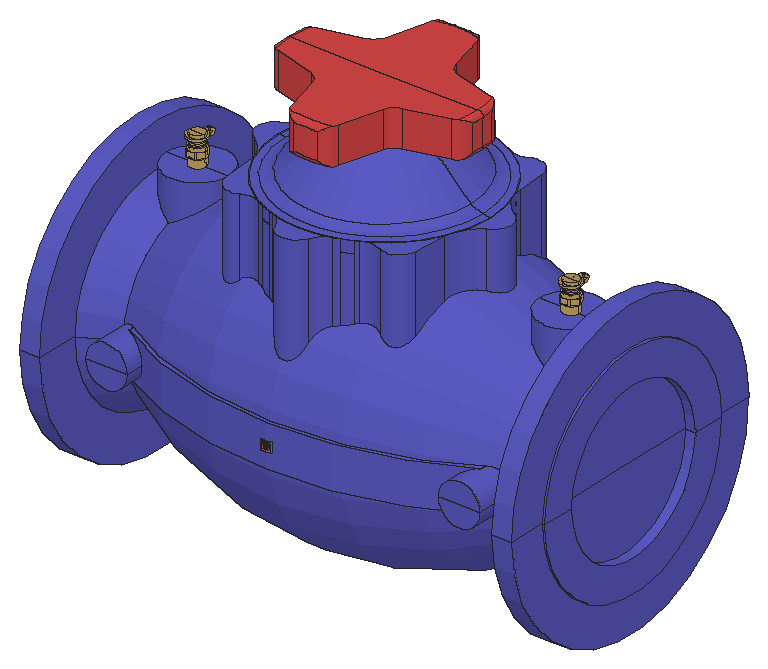
Revit family "HERZ Strömax Балансировочный клапан с измерительными клапанами, шпиндель прямой 4218 GMF", category Rohrzubehör, Revit 2019 (continued)
Definition of nested family "Messstutzen_Band_Austritt_senkrecht_(oben 25)"
  Forms (mm)
    Extrusion 4, solid, detail levels fine
      sketch origin (12.045, 0, 25.83) x (0, 1, 0) y (0.906308, 0, -0.422618)
        loop
          arc (9.582, 1.8) -> (7.288, 2.358) -> (5.505, 3.906) r 5
          arc (5.505, 3.906) -> (-6.75, 0) -> (5.505, -3.906) r 6.75
      from 0 to -1.5
    Extrusion 5, solid, detail levels fine
      sketch origin (14.022, 0, 30.07) x (0, 1, 0) y (0.906308, 0, -0.422618)
        loop
          circle (0, 0) r 6.1
        loop
          arc (8.652, -4.495) -> (10.493, -2.527) -> (13.089, -1.8) r 5
          line (13.089, -1.8) -> (13.089, 1.8)
          arc (13.089, 1.8) -> (10.493, 2.527) -> (8.652, 4.495) r 5
          arc (8.652, 4.495) -> (-9.75, 0) -> (8.652, -4.495) r 9.75
      from 0 to -1.5
    Sweep 6, solid, detail levels fine
      path origin (0.876, 0.242, 1.118) x (-0.422618, 0, -0.906308) y (0, 1, 0)
        loop
          line (-27.75, 9.582) -> (-27.75, 14.522)
          arc (-27.75, 14.522) -> (-30.089, 16.862) -> (-32.428, 14.522) r 2.339
          line (-32.428, 14.522) -> (-32.428, 13.089)
      profile origin (12.603, 12.294, 26.268) x (0.422618, 0, 0.906308) y (0.906308, 0, -0.422618)
        loop
          line (-0.75, -1.8) -> (0.75, -1.8) -> (0.75, 1.8) -> (-0.75, 1.8) -> (-0.75, -1.8)
  Dimensions and locks
    aligned and locked: level to plane 2
Definition of nested family "Messstutzen_Band_Austritt_senkrecht_(oben 0.8)"
  Parameters (values of type "Messstutzen_Band_Austritt_senkrecht_(oben 0.8)")
    URL = "www.herz-armaturen.at"
    Schutzkappe [instance] = yes
    Nennweite [instance] = 0.00 mm
    Manufacturer = "Herz Armaturen GmbH"  # constant formula
    Gewicht [instance] = 0.00 kg
    Bestellnummer [instance] = 0
  Reference planes
    plane 1 "Mitte (Vorne/hinten)": y = 0
    plane 2: z = 0
    plane 3 "Mitte (Links/rechts)": x = 0
  Forms (mm)
    Revolve 1, solid, detail levels fine
      sketch origin (0, 0, 0) x (0.999903, 0, -0.013962) y (0.013962, 0, 0.999903)
        loop
          line (-7.4, 9) -> (-5.55, 9) -> (-5.55, 6)
          arc (-5.55, 6) -> (-5.626, 5.617) -> (-5.843, 5.293) r 1
          line (-5.843, 5.293) -> (-6.455, 4.681) -> (-6.455, 0.9) -> (-5.555, 0) -> (-2, 0) -> (-2, 17.5) -> (-8.4, 17.5)
          arc (-8.4, 17.5) -> (-7.693, 17.207) -> (-7.4, 16.5) r 1
          line (-7.4, 16.5) -> (-7.4, 9)
        loop
          line (-3.7, 27) -> (-7.3, 27) -> (-7.9, 26.4) -> (-7.9, 23) -> (-2, 23) -> (-2, 35.8) -> (-3.805, 35.8) -> (-4.415, 35.19) -> (-4.415, 30.863) -> (-3.7, 30.45) -> (-3.7, 27)
        axis (0, 0) -> (0, 35.8)
      angle from 0 to 360
    Extrusion 2, solid, detail levels fine
      sketch origin (0.244, 0, 17.498) x (0, 1, 0) y (-0.999903, 0, 0.013962)
        loop
          arc (-7.07, 5.156) -> (-7.578, 4.375) -> (-8, 3.544) r 8.75
          line (-8, 3.544) -> (-8, -3.544)
          arc (-8, -3.544) -> (-7.578, -4.375) -> (-7.07, -5.156) r 8.75
          line (-7.07, -5.156) -> (-0.93, -8.7)
          arc (-0.93, -8.7) -> (0, -8.75) -> (0.93, -8.7) r 8.75
          line (0.93, -8.7) -> (7.07, -5.156)
          arc (7.07, -5.156) -> (7.578, -4.375) -> (8, -3.544) r 8.75
          line (8, -3.544) -> (8, 3.544)
          arc (8, 3.544) -> (7.578, 4.375) -> (7.07, 5.156) r 8.75
          line (7.07, 5.156) -> (0.93, 8.7)
          arc (0.93, 8.7) -> (0, 8.75) -> (-0.93, 8.7) r 8.75
          line (-0.93, 8.7) -> (-7.07, 5.156)
      from 0 to 5.5
    Revolve 3, solid, visible <- "Schutzkappe", detail levels fine
      sketch origin (0, 0, 0) x (0.999903, 0, -0.013962) y (0.013962, 0, 0.999903)
        loop
          line (0, 35.878) -> (0, 36.678) -> (-7, 36.678) -> (-7, 33.378) -> (-6.1, 33.378) -> (-6.1, 31.678) -> (-6.9, 31.678) -> (-6.9, 30.178) -> (-4.415, 30.178) -> (-4.415, 35.268) -> (-3.805, 35.878) -> (0, 35.878)
        axis (0, 30.178) -> (0, 36.678)
      angle from 0 to 360
    Extrusion 4, solid, detail levels fine
      sketch origin (0.398, 0, 28.497) x (0, 1, 0) y (0.999903, 0, -0.013962)
        loop
          circle (0, 0) r 3.7
        loop
          arc (5.505, -3.906) -> (7.288, -2.358) -> (9.582, -1.8) r 5
          line (9.582, -1.8) -> (9.582, 1.8)
          arc (9.582, 1.8) -> (7.288, 2.358) -> (5.505, 3.906) r 5
          arc (5.505, 3.906) -> (-6.75, 0) -> (5.505, -3.906) r 6.75
      from 0 to -1.5
    Extrusion 5, solid, detail levels fine
      sketch origin (0.463, 0, 33.175) x (0, 1, 0) y (0.999903, 0, -0.013962)
        loop
          circle (0, 0) r 6.1
        loop
          arc (8.652, -4.495) -> (10.493, -2.527) -> (13.089, -1.8) r 5
          line (13.089, -1.8) -> (13.089, 1.8)
          arc (13.089, 1.8) -> (10.493, 2.527) -> (8.652, 4.495) r 5
          arc (8.652, 4.495) -> (-9.75, 0) -> (8.652, -4.495) r 9.75
      from 0 to -1.5
    Sweep 6, solid, detail levels fine
      path origin (0.514, 0.493, 1.007) x (-0.013962, 0, -0.999903) y (0, 1, 0)
        loop
          line (-27.75, 9.582) -> (-27.75, 14.522)
          arc (-27.75, 14.522) -> (-30.089, 16.862) -> (-32.428, 14.522) r 2.339
          line (-32.428, 14.522) -> (-32.428, 13.089)
      profile origin (0.901, 12.545, 28.754) x (0.013962, 0, 0.999903) y (0.999903, 0, -0.013962)
        loop
          line (-0.75, -1.8) -> (0.75, -1.8) -> (0.75, 1.8) -> (-0.75, 1.8) -> (-0.75, -1.8)
  Dimensions and locks
    aligned and locked: level to plane 2
Definition of nested family "Messstutzen_Band_Eintritt_senkrecht_(oben 10)"
  Parameters (values of type "Messstutzen_Band_Eintritt_senkrecht_(oben 10)")
    URL = "www.herz-armaturen.at"
    Schutzkappe [instance] = yes
    Nennweite [instance] = 0.00 mm
    Manufacturer = "Herz Armaturen GmbH"  # constant formula
    Gewicht [instance] = 0.00 kg
    Bestellnummer [instance] = 0
  Reference planes
    plane 1 "Mitte (Vorne/hinten)": y = 0
    plane 2: z = 0
    plane 3 "Mitte (Links/rechts)": x = 0
  Forms (mm)
    Revolve 1, solid, detail levels fine
      sketch origin (0, 0, 0) x (0.984808, 0, 0.173648) y (-0.173648, 0, 0.984808)
        loop
          line (-7.4, 9) -> (-5.55, 9) -> (-5.55, 6)
          arc (-5.55, 6) -> (-5.626, 5.617) -> (-5.843, 5.293) r 1
          line (-5.843, 5.293) -> (-6.455, 4.681) -> (-6.455, 0.9) -> (-5.555, 0) -> (-2, 0) -> (-2, 17.5) -> (-8.4, 17.5)
          arc (-8.4, 17.5) -> (-7.693, 17.207) -> (-7.4, 16.5) r 1
          line (-7.4, 16.5) -> (-7.4, 9)
        loop
          line (-3.7, 27) -> (-7.3, 27) -> (-7.9, 26.4) -> (-7.9, 23) -> (-2, 23) -> (-2, 35.8) -> (-3.805, 35.8) -> (-4.415, 35.19) -> (-4.415, 30.863) -> (-3.7, 30.45) -> (-3.7, 27)
        axis (0, 0) -> (0, 35.8)
      angle from 0 to 360
    Extrusion 2, solid, detail levels fine
      sketch origin (-3.039, 0, 17.234) x (0, 1, 0) y (-0.984808, 0, -0.173648)
        loop
          arc (-7.07, 5.156) -> (-7.578, 4.375) -> (-8, 3.544) r 8.75
          line (-8, 3.544) -> (-8, -3.544)
          arc (-8, -3.544) -> (-7.578, -4.375) -> (-7.07, -5.156) r 8.75
          line (-7.07, -5.156) -> (-0.93, -8.7)
          arc (-0.93, -8.7) -> (0, -8.75) -> (0.93, -8.7) r 8.75
          line (0.93, -8.7) -> (7.07, -5.156)
          arc (7.07, -5.156) -> (7.578, -4.375) -> (8, -3.544) r 8.75
          line (8, -3.544) -> (8, 3.544)
          arc (8, 3.544) -> (7.578, 4.375) -> (7.07, 5.156) r 8.75
          line (7.07, 5.156) -> (0.93, 8.7)
          arc (0.93, 8.7) -> (0, 8.75) -> (-0.93, 8.7) r 8.75
          line (-0.93, 8.7) -> (-7.07, 5.156)
      from 0 to 5.5
    Revolve 3, solid, visible <- "Schutzkappe", detail levels fine
      sketch origin (0, 0, 0) x (0.984808, 0, 0.173648) y (-0.173648, 0, 0.984808)
        loop
          line (0, 35.878) -> (0, 36.678) -> (-7, 36.678) -> (-7, 33.378) -> (-6.1, 33.378) -> (-6.1, 31.678) -> (-6.9, 31.678) -> (-6.9, 30.178) -> (-4.415, 30.178) -> (-4.415, 35.268) -> (-3.805, 35.878) -> (0, 35.878)
        axis (0, 30.178) -> (0, 36.678)
      angle from 0 to 360
    Extrusion 4, solid, detail levels fine
      sketch origin (-4.949, 0, 28.067) x (0, 1, 0) y (0.984808, 0, 0.173648)
        loop
          circle (0, 0) r 3.7
        loop
          arc (5.505, -3.906) -> (7.288, -2.358) -> (9.582, -1.8) r 5
          line (9.582, -1.8) -> (9.582, 1.8)
          arc (9.582, 1.8) -> (7.288, 2.358) -> (5.505, 3.906) r 5
          arc (5.505, 3.906) -> (-6.75, 0) -> (5.505, -3.906) r 6.75
      from 0 to -1.5
    Extrusion 5, solid, detail levels fine
      sketch origin (-5.761, 0, 32.674) x (0, 1, 0) y (0.984808, 0, 0.173648)
        loop
          circle (0, 0) r 6.1
        loop
          arc (8.652, -4.495) -> (10.493, -2.527) -> (13.089, -1.8) r 5
          line (13.089, -1.8) -> (13.089, 1.8)
          arc (13.089, 1.8) -> (10.493, 2.527) -> (8.652, 4.495) r 5
          arc (8.652, 4.495) -> (-9.75, 0) -> (8.652, -4.495) r 9.75
      from 0 to -1.5
    Sweep 6, solid, detail levels fine
      path origin (0.6, 0.141, 0.838) x (0.173648, 0, -0.984808) y (0, 1, 0)
        loop
          line (-27.75, 9.582) -> (-27.75, 14.522)
          arc (-27.75, 14.522) -> (-30.089, 16.862) -> (-32.428, 14.522) r 2.339
          line (-32.428, 14.522) -> (-32.428, 13.089)
      profile origin (-4.219, 12.193, 28.166) x (-0.173648, 0, 0.984808) y (0.984808, 0, 0.173648)
        loop
          line (-0.75, -1.8) -> (0.75, -1.8) -> (0.75, 1.8) -> (-0.75, 1.8) -> (-0.75, -1.8)
  Dimensions and locks
    aligned and locked: level to plane 2
Definition of nested family "Messstutzen_Band_Eintritt_senkrecht_(oben 15)"
  Parameters (values of type "Messstutzen_Band_Eintritt_senkrecht_(oben 15)")
    URL = "www.herz-armaturen.at"
    Schutzkappe [instance] = yes
    Nennweite [instance] = 0.00 mm
    Manufacturer = "Herz Armaturen GmbH"  # constant formula
    Gewicht [instance] = 0.00 kg
    Bestellnummer [instance] = 0
  Reference planes
    plane 1 "Mitte (Vorne/hinten)": y = 0
    plane 2: z = 0
    plane 3 "Mitte (Links/rechts)": x = 0
  Forms (mm)
    Revolve 1, solid, detail levels fine
      sketch origin (0, 0, 0) x (0.965926, 0, 0.258819) y (-0.258819, 0, 0.965926)
        loop
          line (-7.4, 9) -> (-5.55, 9) -> (-5.55, 6)
          arc (-5.55, 6) -> (-5.626, 5.617) -> (-5.843, 5.293) r 1
          line (-5.843, 5.293) -> (-6.455, 4.681) -> (-6.455, 0.9) -> (-5.555, 0) -> (-2, 0) -> (-2, 17.5) -> (-8.4, 17.5)
          arc (-8.4, 17.5) -> (-7.693, 17.207) -> (-7.4, 16.5) r 1
          line (-7.4, 16.5) -> (-7.4, 9)
        loop
          line (-3.7, 27) -> (-7.3, 27) -> (-7.9, 26.4) -> (-7.9, 23) -> (-2, 23) -> (-2, 35.8) -> (-3.805, 35.8) -> (-4.415, 35.19) -> (-4.415, 30.863) -> (-3.7, 30.45) -> (-3.7, 27)
        axis (0, 0) -> (0, 35.8)
      angle from 0 to 360
    Extrusion 2, solid, detail levels fine
      sketch origin (-4.529, 0, 16.904) x (0, 1, 0) y (-0.965926, 0, -0.258819)
        loop
          arc (-7.07, 5.156) -> (-7.578, 4.375) -> (-8, 3.544) r 8.75
          line (-8, 3.544) -> (-8, -3.544)
          arc (-8, -3.544) -> (-7.578, -4.375) -> (-7.07, -5.156) r 8.75
          line (-7.07, -5.156) -> (-0.93, -8.7)
          arc (-0.93, -8.7) -> (0, -8.75) -> (0.93, -8.7) r 8.75
          line (0.93, -8.7) -> (7.07, -5.156)
          arc (7.07, -5.156) -> (7.578, -4.375) -> (8, -3.544) r 8.75
          line (8, -3.544) -> (8, 3.544)
          arc (8, 3.544) -> (7.578, 4.375) -> (7.07, 5.156) r 8.75
          line (7.07, 5.156) -> (0.93, 8.7)
          arc (0.93, 8.7) -> (0, 8.75) -> (-0.93, 8.7) r 8.75
          line (-0.93, 8.7) -> (-7.07, 5.156)
      from 0 to 5.5
    Revolve 3, solid, visible <- "Schutzkappe", detail levels fine
      sketch origin (0, 0, 0) x (0.965926, 0, 0.258819) y (-0.258819, 0, 0.965926)
        loop
          line (0, 35.878) -> (0, 36.678) -> (-7, 36.678) -> (-7, 33.378) -> (-6.1, 33.378) -> (-6.1, 31.678) -> (-6.9, 31.678) -> (-6.9, 30.178) -> (-4.415, 30.178) -> (-4.415, 35.268) -> (-3.805, 35.878) -> (0, 35.878)
        axis (0, 30.178) -> (0, 36.678)
      angle from 0 to 360
    Extrusion 4, solid, detail levels fine
      sketch origin (-7.376, 0, 27.529) x (0, 1, 0) y (0.965926, 0, 0.258819)
        loop
          circle (0, 0) r 3.7
        loop
          arc (5.505, -3.906) -> (7.288, -2.358) -> (9.582, -1.8) r 5
          line (9.582, -1.8) -> (9.582, 1.8)
          arc (9.582, 1.8) -> (7.288, 2.358) -> (5.505, 3.906) r 5
          arc (5.505, 3.906) -> (-6.75, 0) -> (5.505, -3.906) r 6.75
      from 0 to -1.5
    Extrusion 5, solid, detail levels fine
      sketch origin (-8.587, 0, 32.048) x (0, 1, 0) y (0.965926, 0, 0.258819)
        loop
          circle (0, 0) r 6.1
        loop
          arc (8.652, -4.495) -> (10.493, -2.527) -> (13.089, -1.8) r 5
          line (13.089, -1.8) -> (13.089, 1.8)
          arc (13.089, 1.8) -> (10.493, 2.527) -> (8.652, 4.495) r 5
          arc (8.652, 4.495) -> (-9.75, 0) -> (8.652, -4.495) r 9.75
      from 0 to -1.5
    Sweep 6, solid, detail levels fine
      path origin (0.468, 0.277, 0.942) x (0.258819, 0, -0.965926) y (0, 1, 0)
        loop
          line (-27.75, 9.582) -> (-27.75, 14.522)
          arc (-27.75, 14.522) -> (-30.089, 16.862) -> (-32.428, 14.522) r 2.339
          line (-32.428, 14.522) -> (-32.428, 13.089)
      profile origin (-6.714, 12.329, 27.747) x (-0.258819, 0, 0.965926) y (0.965926, 0, 0.258819)
        loop
          line (-0.75, -1.8) -> (0.75, -1.8) -> (0.75, 1.8) -> (-0.75, 1.8) -> (-0.75, -1.8)
  Dimensions and locks
    aligned and locked: level to plane 2
Definition of nested family "Messstutzen_Band_Eintritt_senkrecht_(oben 25)"
  Parameters (values of type "Messstutzen_Band_Eintritt_senkrecht_(oben 25)")
    URL = "www.herz-armaturen.at"
    Schutzkappe [instance] = yes
    Nennweite [instance] = 0.00 mm
    Manufacturer = "Herz Armaturen GmbH"  # constant formula
    Gewicht [instance] = 0.00 kg
    Bestellnummer [instance] = 0
  Reference planes
    plane 1 "Mitte (Vorne/hinten)": y = 0
    plane 2: z = 0
    plane 3 "Mitte (Links/rechts)": x = 0
  Forms (mm)
    Revolve 1, solid, detail levels fine
      sketch origin (0, 0, 0) x (0.906308, 0, 0.422618) y (-0.422618, 0, 0.906308)
        loop
          line (-7.4, 9) -> (-5.55, 9) -> (-5.55, 6)
          arc (-5.55, 6) -> (-5.626, 5.617) -> (-5.843, 5.293) r 1
          line (-5.843, 5.293) -> (-6.455, 4.681) -> (-6.455, 0.9) -> (-5.555, 0) -> (-2, 0) -> (-2, 17.5) -> (-8.4, 17.5)
          arc (-8.4, 17.5) -> (-7.693, 17.207) -> (-7.4, 16.5) r 1
          line (-7.4, 16.5) -> (-7.4, 9)
        loop
          line (-3.7, 27) -> (-7.3, 27) -> (-7.9, 26.4) -> (-7.9, 23) -> (-2, 23) -> (-2, 35.8) -> (-3.805, 35.8) -> (-4.415, 35.19) -> (-4.415, 30.863) -> (-3.7, 30.45) -> (-3.7, 27)
        axis (0, 0) -> (0, 35.8)
      angle from 0 to 360
    Extrusion 2, solid, detail levels fine
      sketch origin (-7.396, 0, 15.86) x (0, 1, 0) y (-0.906308, 0, -0.422618)
        loop
          arc (-7.07, 5.156) -> (-7.578, 4.375) -> (-8, 3.544) r 8.75
          line (-8, 3.544) -> (-8, -3.544)
          arc (-8, -3.544) -> (-7.578, -4.375) -> (-7.07, -5.156) r 8.75
          line (-7.07, -5.156) -> (-0.93, -8.7)
          arc (-0.93, -8.7) -> (0, -8.75) -> (0.93, -8.7) r 8.75
          line (0.93, -8.7) -> (7.07, -5.156)
          arc (7.07, -5.156) -> (7.578, -4.375) -> (8, -3.544) r 8.75
          line (8, -3.544) -> (8, 3.544)
          arc (8, 3.544) -> (7.578, 4.375) -> (7.07, 5.156) r 8.75
          line (7.07, 5.156) -> (0.93, 8.7)
          arc (0.93, 8.7) -> (0, 8.75) -> (-0.93, 8.7) r 8.75
          line (-0.93, 8.7) -> (-7.07, 5.156)
      from 0 to 5.5
    Revolve 3, solid, visible <- "Schutzkappe", detail levels fine
      sketch origin (0, 0, 0) x (0.906308, 0, 0.422618) y (-0.422618, 0, 0.906308)
        loop
          line (0, 35.878) -> (0, 36.678) -> (-7, 36.678) -> (-7, 33.378) -> (-6.1, 33.378) -> (-6.1, 31.678) -> (-6.9, 31.678) -> (-6.9, 30.178) -> (-4.415, 30.178) -> (-4.415, 35.268) -> (-3.805, 35.878) -> (0, 35.878)
        axis (0, 30.178) -> (0, 36.678)
      angle from 0 to 360
    Extrusion 4, solid, detail levels fine
      sketch origin (-12.045, 0, 25.83) x (0, 1, 0) y (0.906308, 0, 0.422618)
        loop
          circle (0, 0) r 3.7
        loop
          arc (5.505, -3.906) -> (7.288, -2.358) -> (9.582, -1.8) r 5
          line (9.582, -1.8) -> (9.582, 1.8)
          arc (9.582, 1.8) -> (7.288, 2.358) -> (5.505, 3.906) r 5
          arc (5.505, 3.906) -> (-6.75, 0) -> (5.505, -3.906) r 6.75
      from 0 to -1.5
    Extrusion 5, solid, detail levels fine
      sketch origin (-14.022, 0, 30.07) x (0, 1, 0) y (0.906308, 0, 0.422618)
        loop
          circle (0, 0) r 6.1
        loop
          arc (8.652, -4.495) -> (10.493, -2.527) -> (13.089, -1.8) r 5
          line (13.089, -1.8) -> (13.089, 1.8)
          arc (13.089, 1.8) -> (10.493, 2.527) -> (8.652, 4.495) r 5
          arc (8.652, 4.495) -> (-9.75, 0) -> (8.652, -4.495) r 9.75
      from 0 to -1.5
    Sweep 6, solid, detail levels fine
      path origin (-0.876, 0.242, 1.118) x (0.422618, 0, -0.906308) y (0, 1, 0)
        loop
          line (-27.75, 9.582) -> (-27.75, 14.522)
          arc (-27.75, 14.522) -> (-30.089, 16.862) -> (-32.428, 14.522) r 2.339
          line (-32.428, 14.522) -> (-32.428, 13.089)
      profile origin (-12.603, 12.294, 26.268) x (-0.422618, 0, 0.906308) y (0.906308, 0, 0.422618)
        loop
          line (-0.75, -1.8) -> (0.75, -1.8) -> (0.75, 1.8) -> (-0.75, 1.8) -> (-0.75, -1.8)
  Dimensions and locks
    aligned and locked: level to plane 2
Definition of nested family "Messstutzen_Band_Eintritt_senkrecht_(oben 0.8)"
  Parameters (values of type "Messstutzen_Band_Eintritt_senkrecht_(oben 0.8)")
    URL = "www.herz-armaturen.at"
    Schutzkappe [instance] = yes
    Nennweite [instance] = 0.00 mm
    Manufacturer = "Herz Armaturen GmbH"  # constant formula
    Gewicht [instance] = 0.00 kg
    Bestellnummer [instance] = 0
  Reference planes
    plane 1 "Mitte (Vorne/hinten)": y = 0
    plane 2: z = 0
    plane 3 "Mitte (Links/rechts)": x = 0
  Forms (mm)
    Revolve 1, solid, detail levels fine
      sketch origin (0, 0, 0) x (0.999903, 0, 0.013962) y (-0.013962, 0, 0.999903)
        loop
          line (-7.4, 9) -> (-5.55, 9) -> (-5.55, 6)
          arc (-5.55, 6) -> (-5.626, 5.617) -> (-5.843, 5.293) r 1
          line (-5.843, 5.293) -> (-6.455, 4.681) -> (-6.455, 0.9) -> (-5.555, 0) -> (-2, 0) -> (-2, 17.5) -> (-8.4, 17.5)
          arc (-8.4, 17.5) -> (-7.693, 17.207) -> (-7.4, 16.5) r 1
          line (-7.4, 16.5) -> (-7.4, 9)
        loop
          line (-3.7, 27) -> (-7.3, 27) -> (-7.9, 26.4) -> (-7.9, 23) -> (-2, 23) -> (-2, 35.8) -> (-3.805, 35.8) -> (-4.415, 35.19) -> (-4.415, 30.863) -> (-3.7, 30.45) -> (-3.7, 27)
        axis (0, 0) -> (0, 35.8)
      angle from 0 to 360
    Extrusion 2, solid, detail levels fine
      sketch origin (-0.244, 0, 17.498) x (0, 1, 0) y (-0.999903, 0, -0.013962)
        loop
          arc (-7.07, 5.156) -> (-7.578, 4.375) -> (-8, 3.544) r 8.75
          line (-8, 3.544) -> (-8, -3.544)
          arc (-8, -3.544) -> (-7.578, -4.375) -> (-7.07, -5.156) r 8.75
          line (-7.07, -5.156) -> (-0.93, -8.7)
          arc (-0.93, -8.7) -> (0, -8.75) -> (0.93, -8.7) r 8.75
          line (0.93, -8.7) -> (7.07, -5.156)
          arc (7.07, -5.156) -> (7.578, -4.375) -> (8, -3.544) r 8.75
          line (8, -3.544) -> (8, 3.544)
          arc (8, 3.544) -> (7.578, 4.375) -> (7.07, 5.156) r 8.75
          line (7.07, 5.156) -> (0.93, 8.7)
          arc (0.93, 8.7) -> (0, 8.75) -> (-0.93, 8.7) r 8.75
          line (-0.93, 8.7) -> (-7.07, 5.156)
      from 0 to 5.5
    Revolve 3, solid, visible <- "Schutzkappe", detail levels fine
      sketch origin (0, 0, 0) x (0.999903, 0, 0.013962) y (-0.013962, 0, 0.999903)
        loop
          line (0, 35.878) -> (0, 36.678) -> (-7, 36.678) -> (-7, 33.378) -> (-6.1, 33.378) -> (-6.1, 31.678) -> (-6.9, 31.678) -> (-6.9, 30.178) -> (-4.415, 30.178) -> (-4.415, 35.268) -> (-3.805, 35.878) -> (0, 35.878)
        axis (0, 30.178) -> (0, 36.678)
      angle from 0 to 360
    Extrusion 4, solid, detail levels fine
      sketch origin (-0.398, 0, 28.497) x (0, 1, 0) y (0.999903, 0, 0.013962)
        loop
          circle (0, 0) r 3.7
        loop
          arc (5.505, -3.906) -> (7.288, -2.358) -> (9.582, -1.8) r 5
          line (9.582, -1.8) -> (9.582, 1.8)
          arc (9.582, 1.8) -> (7.288, 2.358) -> (5.505, 3.906) r 5
          arc (5.505, 3.906) -> (-6.75, 0) -> (5.505, -3.906) r 6.75
      from 0 to -1.5
    Extrusion 5, solid, detail levels fine
      sketch origin (-0.463, 0, 33.175) x (0, 1, 0) y (0.999903, 0, 0.013962)
        loop
          circle (0, 0) r 6.1
        loop
          arc (8.652, -4.495) -> (10.493, -2.527) -> (13.089, -1.8) r 5
          line (13.089, -1.8) -> (13.089, 1.8)
          arc (13.089, 1.8) -> (10.493, 2.527) -> (8.652, 4.495) r 5
          arc (8.652, 4.495) -> (-9.75, 0) -> (8.652, -4.495) r 9.75
      from 0 to -1.5
    Sweep 6, solid, detail levels fine
      path origin (0.447, 0.318, 1.252) x (0.013962, 0, -0.999903) y (0, 1, 0)
        loop
          line (-27.75, 9.582) -> (-27.75, 14.522)
          arc (-27.75, 14.522) -> (-30.089, 16.862) -> (-32.428, 14.522) r 2.339
          line (-32.428, 14.522) -> (-32.428, 13.089)
      profile origin (0.059, 12.37, 29) x (-0.013962, 0, 0.999903) y (0.999903, 0, 0.013962)
        loop
          line (-0.75, -1.8) -> (0.75, -1.8) -> (0.75, 1.8) -> (-0.75, 1.8) -> (-0.75, -1.8)
  Dimensions and locks
    aligned and locked: level to plane 2
Definition of nested family "Strangregulierventil-Handrad-Gerade (Rot) DN15-DN40"
  Parameters (values of type "Strangregulierventil-Handrad-Gerade (Rot) DN15-DN40")
    URL = "www.herz-armaturen.at"
    Nennweite [instance] = 0.00 mm
    Manufacturer = "Herz Armaturen GmbH"  # constant formula
    Gewicht [instance] = 0.00 kg
    Bestellnummer [instance] = 0
  Reference planes
    plane 1 "Mitte (Vorne/hinten)": y = 0
    plane 2: z = 0
    plane 3 "Mitte (Links/rechts)": x = 0
  Forms (mm)
    Revolve 1, solid, detail levels fine
      sketch origin (0, 0, 0) x (1, 0, 0) y (0, 0, 1)
        loop
          line (0, 0) -> (0, 24.95) -> (-30.992, 24.95)
          arc (-30.992, 24.95) -> (-34.37, 23.636) -> (-35.973, 20.386) r 5
          line (-35.973, 20.386) -> (-37, 8.65) -> (-35.986, -2.936)
          arc (-35.986, -2.936) -> (-34.383, -6.186) -> (-31.005, -7.5) r 5
          line (-31.005, -7.5) -> (-15, -7.5) -> (-15, 0) -> (0, 0)
        axis (0, 24.95) -> (0, -7.5)
      angle from 0 to 360
    Extrusion 2, void
      sketch origin (0, 0, 20.3) x (1, 0, 0) y (0, 1, 0)
        loop
          line (3.861, 35.5) -> (-3.861, 35.5)
          arc (-3.861, 35.5) -> (-8.731, 33.847) -> (-11.589, 29.571) r 8
          line (-11.589, 29.571) -> (-13.284, 23.245)
          arc (-13.284, 23.245) -> (-13.982, 21.722) -> (-15.144, 20.516) r 5
          arc (-15.144, 20.516) -> (-18.031, 18.031) -> (-20.516, 15.144) r 25.5
          arc (-20.516, 15.144) -> (-21.722, 13.982) -> (-23.245, 13.284) r 5
          line (-23.245, 13.284) -> (-29.571, 11.589)
          arc (-29.571, 11.589) -> (-33.847, 8.731) -> (-35.5, 3.861) r 8
          line (-35.5, 3.861) -> (-35.5, -3.861)
          arc (-35.5, -3.861) -> (-33.847, -8.731) -> (-29.571, -11.589) r 8
          line (-29.571, -11.589) -> (-23.245, -13.284)
          arc (-23.245, -13.284) -> (-21.722, -13.982) -> (-20.516, -15.144) r 5
          arc (-20.516, -15.144) -> (-18.031, -18.031) -> (-15.144, -20.516) r 25.5
          arc (-15.144, -20.516) -> (-13.982, -21.722) -> (-13.284, -23.245) r 5
          line (-13.284, -23.245) -> (-11.589, -29.571)
          arc (-11.589, -29.571) -> (-8.731, -33.847) -> (-3.861, -35.5) r 8
          line (-3.861, -35.5) -> (3.861, -35.5)
          arc (3.861, -35.5) -> (8.731, -33.847) -> (11.589, -29.571) r 8
          line (11.589, -29.571) -> (13.284, -23.245)
          arc (13.284, -23.245) -> (13.982, -21.722) -> (15.144, -20.516) r 5
          arc (15.144, -20.516) -> (18.031, -18.031) -> (20.516, -15.144) r 25.5
          arc (20.516, -15.144) -> (21.722, -13.982) -> (23.245, -13.284) r 5
          line (23.245, -13.284) -> (29.571, -11.589)
          arc (29.571, -11.589) -> (33.847, -8.731) -> (35.5, -3.861) r 8
          line (35.5, -3.861) -> (35.5, 3.861)
          arc (35.5, 3.861) -> (33.847, 8.731) -> (29.571, 11.589) r 8
          line (29.571, 11.589) -> (23.245, 13.284)
          arc (23.245, 13.284) -> (21.722, 13.982) -> (20.516, 15.144) r 5
          arc (20.516, 15.144) -> (18.031, 18.031) -> (15.144, 20.516) r 25.5
          arc (15.144, 20.516) -> (13.982, 21.722) -> (13.284, 23.245) r 5
          line (13.284, 23.245) -> (11.589, 29.571)
          arc (11.589, 29.571) -> (8.731, 33.847) -> (3.861, 35.5) r 8
        loop
          circle (0, 0) r 38
      from -31.266 to 7.923
  Cuts and joins
    Extrusion 2 cuts Revolve 1
  Dimensions and locks
    Revolve 1 sketch curve to Revolve 1 sketch curve = 15.00 mm
    Revolve 1 sketch curve to Revolve 1 sketch curve = 16.15 mm
    Revolve 1 sketch curve to Revolve 1 sketch curve = 16.30 mm
    angle Revolve 1 sketch curve to Revolve 1 sketch curve = 95.00°
    aligned and locked: level to plane 2
Definition of nested family "Strangregulierventil-Handrad-Gerade (Rot) DN50-DN80"
  Parameters (values of type "Strangregulierventil-Handrad-Gerade (Rot) DN50-DN80")
    URL = "www.herz-armaturen.at"
    Nennweite [instance] = 0.00 mm
    Manufacturer = "Herz Armaturen GmbH"  # constant formula
    Gewicht [instance] = 0.00 kg
    Bestellnummer [instance] = 0
  Reference planes
    plane 1 "Mitte (Vorne/hinten)": y = 0
    plane 2: z = 0
    plane 3 "Mitte (Links/rechts)": x = 0
  Forms (mm)
    Revolve 1, solid, detail levels fine
      sketch origin (0, 0, 0) x (1, 0, 0) y (0, 0, 1)
        loop
          line (0, 0) -> (0, 24.95) -> (-50.992, 24.95)
          arc (-50.992, 24.95) -> (-54.37, 23.636) -> (-55.973, 20.386) r 5
          line (-55.973, 20.386) -> (-57, 8.65) -> (-55.986, -2.936)
          arc (-55.986, -2.936) -> (-54.383, -6.186) -> (-51.005, -7.5) r 5
          line (-51.005, -7.5) -> (-15, -7.5) -> (-15, 0) -> (0, 0)
        axis (0, 24.95) -> (0, -7.5)
      angle from 0 to 360
    Extrusion 2, void
      sketch origin (0, 0, 20.3) x (1, 0, 0) y (0, 1, 0)
        loop
          line (-55, 6.292) -> (-55, -6.292)
          arc (-55, -6.292) -> (-52.52, -13.597) -> (-46.106, -17.883) r 12
          line (-46.106, -17.883) -> (-35.399, -20.752)
          arc (-35.399, -20.752) -> (-33.541, -21.612) -> (-32.08, -23.047) r 6
          arc (-32.08, -23.047) -> (-27.931, -27.931) -> (-23.047, -32.08) r 39.5
          arc (-23.047, -32.08) -> (-21.612, -33.541) -> (-20.752, -35.399) r 6
          line (-20.752, -35.399) -> (-17.883, -46.106)
          arc (-17.883, -46.106) -> (-13.597, -52.52) -> (-6.292, -55) r 12
          line (-6.292, -55) -> (6.292, -55)
          arc (6.292, -55) -> (13.597, -52.52) -> (17.883, -46.106) r 12
          line (17.883, -46.106) -> (20.752, -35.399)
          arc (20.752, -35.399) -> (21.612, -33.541) -> (23.047, -32.08) r 6
          arc (23.047, -32.08) -> (27.931, -27.931) -> (32.08, -23.047) r 39.5
          arc (32.08, -23.047) -> (33.541, -21.612) -> (35.399, -20.752) r 6
          line (35.399, -20.752) -> (46.106, -17.883)
          arc (46.106, -17.883) -> (52.52, -13.597) -> (55, -6.292) r 12
          line (55, -6.292) -> (55, 6.292)
          arc (55, 6.292) -> (52.52, 13.597) -> (46.106, 17.883) r 12
          line (46.106, 17.883) -> (35.399, 20.752)
          arc (35.399, 20.752) -> (33.541, 21.612) -> (32.08, 23.047) r 6
          arc (32.08, 23.047) -> (27.931, 27.931) -> (23.047, 32.08) r 39.5
          arc (23.047, 32.08) -> (21.612, 33.541) -> (20.752, 35.399) r 6
          line (20.752, 35.399) -> (17.883, 46.106)
          arc (17.883, 46.106) -> (13.597, 52.52) -> (6.292, 55) r 12
          line (6.292, 55) -> (-6.292, 55)
          arc (-6.292, 55) -> (-13.597, 52.52) -> (-17.883, 46.106) r 12
          line (-17.883, 46.106) -> (-20.752, 35.399)
          arc (-20.752, 35.399) -> (-21.612, 33.541) -> (-23.047, 32.08) r 6
          arc (-23.047, 32.08) -> (-27.931, 27.931) -> (-32.08, 23.047) r 39.5
          arc (-32.08, 23.047) -> (-33.541, 21.612) -> (-35.399, 20.752) r 6
          line (-35.399, 20.752) -> (-46.106, 17.883)
          arc (-46.106, 17.883) -> (-52.52, 13.597) -> (-55, 6.292) r 12
        loop
          circle (0, 0) r 60
      from -31.161 to 7.489
  Cuts and joins
    Extrusion 2 cuts Revolve 1
  Dimensions and locks
    Revolve 1 sketch curve to Revolve 1 sketch curve = 15.00 mm
    Revolve 1 sketch curve to Revolve 1 sketch curve = 16.15 mm
    Revolve 1 sketch curve to Revolve 1 sketch curve = 16.30 mm
    Revolve 1 sketch curve to Revolve 1 sketch curve = 57.00 mm
    angle Revolve 1 sketch curve to Revolve 1 sketch curve = 95.00°
    aligned and locked: level to plane 2
Definition of nested family "Strangregulierventil-Handrad-Gerade (Rot) DN100-DN150"
  Parameters (values of type "Strangregulierventil-Handrad-Gerade (Rot) DN100-DN150")
    URL = "www.herz-armaturen.at"
    Nennweite [instance] = 0.00 mm
    Manufacturer = "Herz Armaturen GmbH"  # constant formula
    Gewicht [instance] = 0.00 kg
    Bestellnummer [instance] = 0
  Reference planes
    plane 1 "Mitte (Vorne/hinten)": y = 0
    plane 2: z = 0
    plane 3 "Mitte (Links/rechts)": x = 0
  Forms (mm)
    Revolve 1, solid, detail levels fine
      sketch origin (0, 0, 0) x (1, 0, 0) y (0, 0, 1)
        loop
          line (0, 0) -> (0, 20.8) -> (-90.019, 20.8)
          arc (-90.019, 20.8) -> (-93.397, 19.486) -> (-95, 16.236) r 5
          line (-95, 16.236) -> (-95, -9.166)
          arc (-95, -9.166) -> (-93.362, -12.33) -> (-90.032, -13.6) r 5
          line (-90.032, -13.6) -> (-20, -13.6) -> (-20, 0) -> (0, 0)
        axis (0, 20.8) -> (0, -13.6)
      angle from 0 to 360
    Extrusion 2, void
      sketch origin (0, 0, 20.3) x (1, 0, 0) y (0, 1, 0)
        loop
          circle (0, 0) r 110
        loop
          arc (-8.5, 94.619) -> (-17.649, 91.506) -> (-23, 83.46) r 15
          line (-23, 83.46) -> (-33.535, 44.142)
          arc (-33.535, 44.142) -> (-37.417, 37.417) -> (-44.142, 33.535) r 15
          line (-44.142, 33.535) -> (-83.46, 23)
          arc (-83.46, 23) -> (-91.506, 17.649) -> (-94.619, 8.5) r 15
          arc (-94.619, 8.5) -> (-95, 0) -> (-94.619, -8.5) r 95
          arc (-94.619, -8.5) -> (-91.506, -17.649) -> (-83.46, -23) r 15
          line (-83.46, -23) -> (-44.142, -33.535)
          arc (-44.142, -33.535) -> (-37.417, -37.417) -> (-33.535, -44.142) r 15
          line (-33.535, -44.142) -> (-23, -83.46)
          arc (-23, -83.46) -> (-17.649, -91.506) -> (-8.5, -94.619) r 15
          arc (-8.5, -94.619) -> (0, -95) -> (8.5, -94.619) r 95
          arc (8.5, -94.619) -> (17.649, -91.506) -> (23, -83.46) r 15
          line (23, -83.46) -> (33.535, -44.142)
          arc (33.535, -44.142) -> (37.417, -37.417) -> (44.142, -33.535) r 15
          line (44.142, -33.535) -> (83.46, -23)
          arc (83.46, -23) -> (91.506, -17.649) -> (94.619, -8.5) r 15
          arc (94.619, -8.5) -> (95, 0) -> (94.619, 8.5) r 95
          arc (94.619, 8.5) -> (91.506, 17.649) -> (83.46, 23) r 15
          line (83.46, 23) -> (44.142, 33.535)
          arc (44.142, 33.535) -> (37.417, 37.417) -> (33.535, 44.142) r 15
          line (33.535, 44.142) -> (23, 83.46)
          arc (23, 83.46) -> (17.649, 91.506) -> (8.5, 94.619) r 15
          arc (8.5, 94.619) -> (0, 95) -> (-8.5, 94.619) r 95
      from -51.286 to 22
  Cuts and joins
    Extrusion 2 cuts Revolve 1
  Dimensions and locks
    Revolve 1 sketch curve to Revolve 1 sketch curve = 20.00 mm
    Revolve 1 sketch curve to Revolve 1 sketch curve = 95.00 mm
    Revolve 1 sketch curve to Revolve 1 sketch curve = 34.40 mm
    plane 2 to Revolve 1 sketch curve = 13.60 mm
    aligned and locked: level to plane 2
